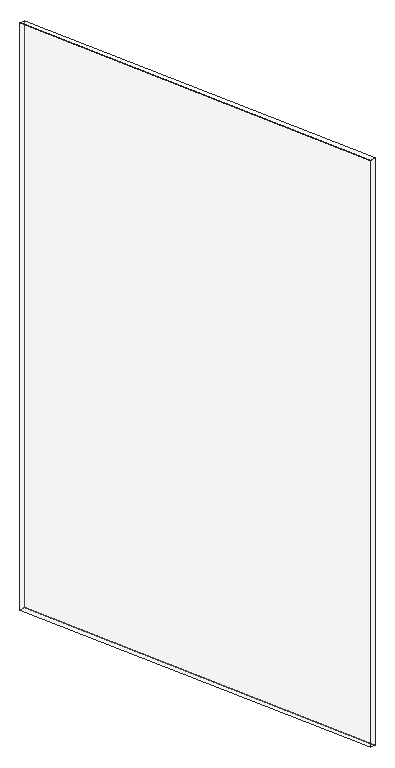
Revit family "Panel_Frameless", category Curtain Panels, Revit 2024
Family settings
  OmniClass Number = 23.25.20.14.11.11.17
  OmniClass Title = Infill Panels
  Always vertical = Yes
  Cut with Voids When Loaded = No
  Shared = No
Parameters (values of type "Default")
  Width [instance] = 1600 mm
  Panel Thickness = 25 mm
  Offset = 0 mm
  Material Panel = _Default - Glass - Exterior Transparent
  Height [instance] = 2400 mm
  Frame Thickness = 0 mm  # constant formula
  Frame Depth = 0 mm  # constant formula
  EA_Repath [instance] = 0 mm
  Define Thermal Properties by = Schematic Type
  Analytic Construction = "<None>"
Reference planes
  plane 1 "Front": y = 0
  plane 2: z = 0
  plane 3 "Center (Left/Right)": x = 0
  plane 4 "Left": x = -800
  plane 5 "Right": x = 800
  plane 6 "Top": z = 2400
  plane 7: y = 0
Text (mm)
  text "Exterior" at (-1379.057, 797.241, 0), in view "Ref. Level"
  text "Exterior" at (12192, 1055.114, 2275.943), in view "Right"
  text "Exterior" at (-6096, 1468.734, 2687.031), in view "Left"
Dimensions and locks
  equal spacing: plane 4 "Left", plane 3 "Center (Left/Right)", plane 5 "Right"
  "Height": plane 2 to plane 6 "Top"
  "Width": plane 4 "Left" to plane 5 "Right"
  "Offset": plane 1 "Front" to plane 7
  aligned and locked: level to plane 2
  aligned and locked: plane 3 "Center (Left/Right)" to nested 1
  aligned and locked: plane 7 to nested 1
Nested families
  nested 1: "CW Panel Assembled Frameless" at (0, 0, 0), Overall Width <- "Width", Overall Height <- "Height", type "Default"
    with Panel Width 1600 mm, Panel Height 2400 mm, Overall Width 1600 mm, Overall Height 2400 mm, Panel Thickness 25 mm
Definition of nested family "CW Panel Assembled Frameless"
  Parameters
    Panel Width [instance] = Overall Width - (2 * Frame Thickness)  # 609.6 mm
    Panel Material = none
    Panel Height [instance] = Overall Height - (2 * Frame Thickness)  # 609.6 mm
    Overall Width [instance] = 609.6 mm
    Frame Material = none
    Overall Height [instance] = 609.6 mm
    Frame Thickness = 0 mm  # constant formula
    Panel Thickness = 19.05 mm
    Frame Depth = 0 mm  # constant formula
    Default Elevation = 0 mm
  Reference planes
    plane 1 "Center (Front/Back)": y = 0
    plane 2: z = 0
    plane 3 "Center (Left/Right)": x = 0
    plane 4: z = 609.6
    plane 5: x = -304.8
    plane 6: x = 304.8
    plane 7: x = -304.8
    plane 8: z = 609.6
    plane 9: x = 304.8
    plane 10: y = 9.525
    plane 11: y = -9.525
    plane 12: z = 0
  Dimensions and locks
    equal spacing: plane 5, plane 3 "Center (Left/Right)", plane 6
    "Frame Thickness": plane 7 to plane 5
    "Frame Thickness": plane 6 to plane 9
    "Frame Thickness": plane 4 to plane 8
    equal spacing: plane 11, plane 1 "Center (Front/Back)", plane 10
    "Panel Thickness": plane 11 to plane 10
    "Frame Thickness": plane 12 to level
    "Panel Width": plane 7 to plane 9
    "Panel Height": plane 8 to plane 12
    aligned and locked: plane 2 to level
    aligned and locked: level to nested 1
    aligned and locked: plane 3 "Center (Left/Right)" to nested 1
  Nested families
    nested 1: "CW Panel" at (0, 0, 0), Overall Width <- "Overall Width", Overall Height <- "Overall Height", Material <- "Panel Material", type "Default"
      with Panel Width 609.6 mm, Panel Height 609.6 mm, Overall Width 609.6 mm, Overall Height 609.6 mm, Material none, Frame Thickness 0 mm
  Definition of nested family "CW Panel"
    Parameters
      Panel Width [instance] = Overall Width - (2 * Frame Thickness)  # 508 mm
      Panel Height [instance] = Overall Height - (2 * Frame Thickness)  # 508 mm
      Overall Width [instance] = 609.6 mm
      Material [instance] = none
      Overall Height [instance] = 609.6 mm
      Frame Thickness = 50.8 mm
      Panel Thickness = 19.05 mm
      Default Elevation = 1219.2 mm
    Reference planes
      plane 1 "Center (Front/Back)": y = 0
      plane 2: z = 0
      plane 3 "Center (Left/Right)": x = 0
      plane 4: z = 609.6
      plane 5: x = -304.8
      plane 6: x = 304.8
      plane 7: x = -254
      plane 8: z = 558.8
      plane 9: x = 254
      plane 10: y = 9.525
      plane 11: y = -9.525
      plane 12: z = 50.8
    Forms (mm)
      Extrusion 1, solid, material <- "Material"
        sketch origin (0, 0, 0) x (1, 0, 0) y (0, 0, 1)
          loop
            line (-254, 558.8) -> (-254, 50.8) -> (254, 50.8) -> (254, 558.8) -> (-254, 558.8)
        from -9.525 to 9.525
    Dimensions and locks
      equal spacing: plane 5, plane 3 "Center (Left/Right)", plane 6
      "Frame Thickness": plane 7 to plane 5
      "Frame Thickness": plane 6 to plane 9
      "Frame Thickness": plane 4 to plane 8
      equal spacing: plane 11, plane 1 "Center (Front/Back)", plane 10
      "Panel Thickness": plane 11 to plane 10
      "Frame Thickness": plane 12 to level
      "Panel Width": plane 7 to plane 9
      "Panel Height": plane 8 to plane 12
      aligned and locked: plane 2 to level
      aligned and locked: Extrusion 1 to plane 10
      aligned and locked: Extrusion 1 to plane 11
      aligned and locked: plane 7 to Extrusion 1
      aligned and locked: plane 8 to Extrusion 1
      aligned and locked: plane 9 to Extrusion 1
      aligned and locked: plane 12 to Extrusion 1
    Automatic sketch dimensions
      level to Extrusion 1 sketch curve = 50.8 mm
      plane 5 to Extrusion 1 sketch curve = 50.8 mm
      plane 6 to Extrusion 1 sketch curve = 50.8 mm
      Extrusion 1 sketch curve to plane 4 = 50.8 mm
